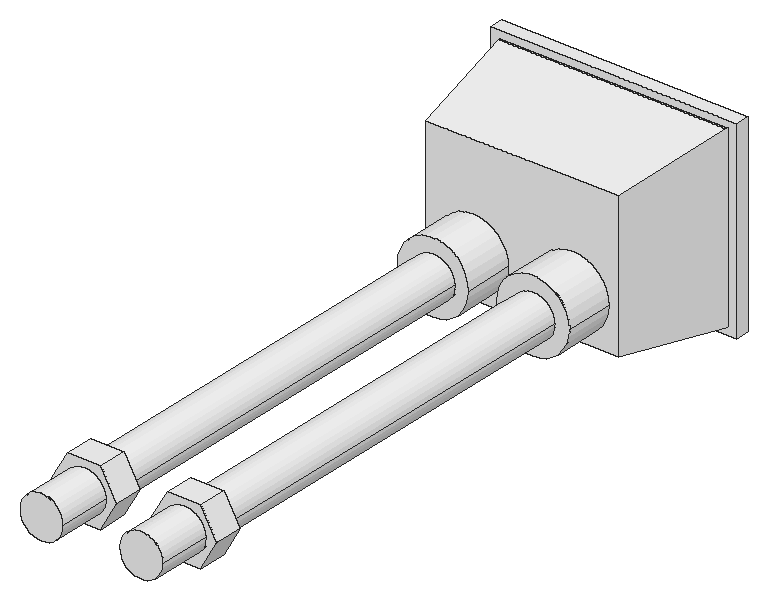
Revit family "Plumbing Fixture-Wall and Ground_Hydrant_Mifab_MHY-45", category Plumbing Fixtures, host Wall, Revit 2013
Parameters (values of type "MHY-45-20")
  Wall Thikness = 20"
  URL = "www.mifab.com"
  Model = "MHY-45"
  Manufacturer = "MIFAB"
  Hydrant Material = Chrome Plated
  Description = "Hot And Cold Encased Non Freeze Wall Hydrant"
Types (9): name | Wall Thikness
  (no name) | 20"
  MHY-45-8 | 8"
  MHY-45-10 | 10"
  MHY-45-12 | 12"
  MHY-45-14 | 14"
  MHY-45-16 | 14"
  MHY-45-18 | 18"
  MHY-45-20 | 20"
  MHY-45-24 | 24"
Reference planes (in)
  plane 1: y = 0
  plane 2 "Center (Left/Right)": x = -0.47711
  plane 3: x = -11.10211
  plane 4: x = 10.14789
  plane 5: y = 3
  plane 6: y = -3
  plane 7: y = -2.72851
Forms (in)
  Extrusion 1, solid, material "Chrome Plated" <- "Hydrant Material"
    sketch origin (-72, 11.4502, 60.5359) x (-1, 0, 0) y (0, 0, -1)
      loop
        circle (-71.52289, 45.25) r 0.75
    from 8.96571 to 12.34034
  Extrusion 2, solid, material "Chrome Plated" <- "Hydrant Material"
    sketch origin (-72, 9.89077, 60.5359) x (-1, 0, 0) y (0, 0, -1)
      loop
        circle (-71.52289, 45.25) r 1.1547
    from 7.70144 to 8.71577
  Extrusion 3, solid, material "Chrome Plated" <- "Hydrant Material"
    sketch origin (-70.25, 11.4502, 58.81543) x (-1, 0, 0) y (0, 0, -1)
      loop
        circle (-71.52289, 45.25) r 0.75
    from 8.77482 to 31.3252
  Extrusion 4, solid, material "Chrome Plated" <- "Hydrant Material"
    sketch origin (-70.25, 9.89077, 58.7859) x (-1, 0, 0) y (0, 0, -1)
      loop
        line (-72.10024, 44.25) -> (-70.94554, 44.25) -> (-70.36819, 45.25) -> (-70.94554, 46.25) -> (-72.10024, 46.25) -> (-72.67759, 45.25) -> (-72.10024, 44.25)
    from 7.70144 to 8.71577
  Extrusion 5, solid, material "Chrome Plated" <- "Hydrant Material"
    sketch origin (-73.75, 11.4502, 58.7859) x (-1, 0, 0) y (0, 0, -1)
      loop
        circle (-71.52289, 45.25) r 0.75
    from 8.77482 to 31.3252
  Extrusion 6, solid, material "Chrome Plated" <- "Hydrant Material"
    sketch origin (-73.75, 9.89077, 58.7859) x (-1, 0, 0) y (0, 0, -1)
      loop
        line (-72.10024, 44.25) -> (-70.94554, 44.25) -> (-70.36819, 45.25) -> (-70.94554, 46.25) -> (-72.10024, 46.25) -> (-72.67759, 45.25) -> (-72.10024, 44.25)
    from 7.70144 to 8.71577
  Extrusion 7, solid, material "Chrome Plated" <- "Hydrant Material"
    sketch origin (-72, 11.4502, 60.5359) x (-1, 0, 0) y (0, 0, -1)
      loop
        line (-72.69554, 46) -> (-72.11819, 47) -> (-72.69554, 48) -> (-73.85024, 48) -> (-74.42759, 47) -> (-73.85024, 46) -> (-72.69554, 46)
      loop
        line (-69.19554, 46) -> (-68.61819, 47) -> (-69.19554, 48) -> (-70.35024, 48) -> (-70.92759, 47) -> (-70.35024, 46) -> (-69.19554, 46)
    from 28.4502 to 29.46078
  Extrusion 8, solid, material "Chrome Plated" <- "Hydrant Material"
    sketch origin (-72, 11.4502, 60.5359) x (-1, 0, 0) y (0, 0, -1)
      loop
        arc (-72.52289, 44.5) -> (-71.52289, 44) -> (-70.52289, 44.5) r 1.25
        line (-70.52289, 44.5) -> (-69.02289, 46)
        arc (-69.02289, 46) -> (-68.77289, 47.75) -> (-70.52289, 48) r 1.25
        arc (-70.52289, 48) -> (-71.48635, 47.56159) -> (-72.47199, 47.94756) r 1.35865
        arc (-72.47199, 47.94756) -> (-74.25353, 47.77496) -> (-74.02289, 46) r 1.24548
        line (-74.02289, 46) -> (-72.52289, 44.5)
    from 10.2752 to 12.34034
  Extrusion 9, solid, material "Chrome Plated" <- "Hydrant Material"
    sketch origin (0, -6.82, 12.5359) x (1, 0, 0) y (0, 1, 0)
      loop
        line (-4.78961, 10.32) -> (-4.78961, 9.82) -> (3.83539, 9.82) -> (3.83539, 10.32) -> (-4.78961, 10.32)
    from -1.3002 to 5.4498
  Extrusion 10, solid, material "Chrome Plated" <- "Hydrant Material"
    sketch origin (0, -7.5, 12.5359) x (1, 0, 0) y (0, 1, 0)
      loop
        line (-4.47711, 10.5) -> (-4.47711, 6.5) -> (3.52289, 6.5) -> (3.52289, 10.5) -> (-4.47711, 10.5)
    from -1.0502 to 5.1998
  Extrusion 11, void
    sketch origin (-0.47711, -5.72851, -2.0748) x (0, 1, 0) y (0, 0, 1)
      loop
        line (8.66023, 19.8105) -> (4.72851, 19.8105) -> (4.72851, 19.20916) -> (8.66023, 19.8105)
      loop
        line (8.66023, 13.5605) -> (4.72851, 14.16185) -> (4.72851, 13.5605) -> (8.66023, 13.5605)
    from -4 to 4
  Extrusion 12, void
    sketch origin (0, -5.72851, 12.5359) x (1, 0, 0) y (0, 1, 0)
      loop
        line (-4.47711, 8.72851) -> (-4.47711, 4.72851) -> (-3.85539, 4.72851) -> (-4.47711, 8.72851)
      loop
        line (3.52289, 8.72851) -> (2.90118, 4.72851) -> (3.52289, 4.72851) -> (3.52289, 8.72851)
    from -1.0502 to 5.1998
  Extrusion 13, solid, material "Chrome Plated" <- "Hydrant Material"
    sketch origin (-72, -8.72851, 60.5359) x (-1, 0, 0) y (0, 0, 1)
      loop
        circle (-73.27289, -46.97047) r 1.2743
      loop
        circle (-69.77289, -47) r 1.25
    from 6 to 7.72851
Cuts and joins
  Extrusion 11, Extrusion 12 cuts Extrusion 10
Text (in)
  text "Placement Side" at (0, 40.15149, 123.01588), in view "Right"
  text "Placement Side" at (-70.3804, 45.82615, 0), in view "Ref. Level"
  text "Placement Side" at (0, 47.49176, 113.10569), in view "Left"
Dimensions and locks (in)
  equal spacing: plane 3, plane 2 "Center (Left/Right)", plane 4
  plane 3 to plane 4 = 21 1/4"
  locked: Extrusion 2 to Extrusion 2 at 1.01433
  locked: Extrusion 4 to Extrusion 4 at 1.01433
  locked: Extrusion 6 to Extrusion 6 at 1.01433
  locked: Extrusion 7 to Extrusion 7 at 1.01058
  locked: Extrusion 5 to Extrusion 7 at 2.875
  locked: Extrusion 10 sketch curve to Extrusion 9 at 4
  locked: Extrusion 8 to Extrusion 2 at 1.01433
  "Wall Thikness": Extrusion 9 to Extrusion 7
  locked: plane 5 to Extrusion 9 at 0.5
  aligned and locked: plane 6 to host wall
  aligned and locked: Extrusion 5 to Extrusion 3
  aligned and locked: Extrusion 3 to Extrusion 5
  aligned and locked: Extrusion 10 to Extrusion 9
  aligned and locked: Extrusion 11 to Extrusion 10
  aligned and locked: Extrusion 10 to Extrusion 11
  aligned and locked: Extrusion 12 to Extrusion 10
  aligned and locked: Extrusion 10 to Extrusion 12
  aligned and locked: plane 7 to Extrusion 13
  aligned and locked: Extrusion 9 to host wall
Automatic sketch dimensions
  Extrusion 1 sketch curve to plane 2 "Center (Left/Right)" = 0"
  level to Extrusion 1 sketch curve = 0.6752"
  Extrusion 2 sketch curve to plane 2 "Center (Left/Right)" = 0"
  level to Extrusion 2 sketch curve = 0.6752"
  plane 2 "Center (Left/Right)" to Extrusion 3 sketch curve = 1 3/4"
  Extrusion 3 sketch curve to level = 1.04527"
  Extrusion 4 sketch curve to level = 1.0748"  (x2)
  plane 2 "Center (Left/Right)" to Extrusion 4 sketch curve = 2.9047"
  Extrusion 4 sketch curve to level = 0.0748"
  Extrusion 4 sketch curve to Extrusion 4 sketch curve = 0.57735"  (x2)
  Extrusion 4 sketch curve to Extrusion 4 sketch curve = 1.1547"  (x2)
  plane 2 "Center (Left/Right)" to Extrusion 4 sketch curve = 0.5953"
  Extrusion 4 sketch curve to Extrusion 4 sketch curve = 1"
  Extrusion 5 sketch curve to plane 2 "Center (Left/Right)" = 1 3/4"
  Extrusion 5 sketch curve to level = 1.0748"
  Extrusion 6 sketch curve to plane 2 "Center (Left/Right)" = 0.5953"
  Extrusion 6 sketch curve to level = 0.0748"
  Extrusion 6 sketch curve to Extrusion 6 sketch curve = 0.57735"  (x3)
  Extrusion 6 sketch curve to Extrusion 6 sketch curve = 1.1547"  (x2)
  Extrusion 6 sketch curve to level = 1.0748"  (x2)
  Extrusion 6 sketch curve to Extrusion 6 sketch curve = 1"
  Extrusion 7 sketch curve to level = 1.0748"  (x4)
  plane 2 "Center (Left/Right)" to Extrusion 7 sketch curve = 2.9047"
  Extrusion 7 sketch curve to level = 0.0748"  (x2)
  Extrusion 7 sketch curve to Extrusion 7 sketch curve = 0.57735"  (x5)
  Extrusion 7 sketch curve to Extrusion 7 sketch curve = 1.1547"  (x4)
  plane 2 "Center (Left/Right)" to Extrusion 7 sketch curve = 0.5953"
  Extrusion 7 sketch curve to plane 2 "Center (Left/Right)" = 0.5953"
  Extrusion 7 sketch curve to Extrusion 7 sketch curve = 1"  (x2)
  Extrusion 8 sketch curve to level = 0.0748"  (x2)
  plane 2 "Center (Left/Right)" to Extrusion 8 sketch curve = 2 1/2"
  level to Extrusion 8 sketch curve = 1.4252"
  Extrusion 8 sketch curve to plane 2 "Center (Left/Right)" = 0"  (x2)
  plane 2 "Center (Left/Right)" to Extrusion 8 sketch curve = 1"
  Extrusion 8 sketch curve to plane 2 "Center (Left/Right)" = 1"  (x2)
  Extrusion 8 sketch curve to Extrusion 8 sketch curve = 1 1/2"
  Extrusion 8 sketch curve to Extrusion 8 sketch curve = 0.74366"
  plane 2 "Center (Left/Right)" to Extrusion 8 sketch curve = 0.94909"
  Extrusion 8 sketch curve to Extrusion 8 sketch curve = 3/4"
  level to Extrusion 8 sketch curve = 0.6752"
  Extrusion 8 sketch curve to level = 1.0739"
  Extrusion 8 sketch curve to level = 1.0748"
  host wall to Extrusion 9 sketch curve = 0"
  host wall to Extrusion 9 sketch curve = 1/2"
  Extrusion 9 sketch curve to plane 2 "Center (Left/Right)" = 4 5/16"
  plane 2 "Center (Left/Right)" to Extrusion 9 sketch curve = 4 5/16"
  host wall to Extrusion 10 sketch curve = 0"
  Extrusion 10 sketch curve to plane 2 "Center (Left/Right)" = 4"
  plane 2 "Center (Left/Right)" to Extrusion 10 sketch curve = 4"
  host wall to Extrusion 11 sketch curve = 1"  (x2)
  Extrusion 11 sketch curve to level = 3 1/8"
  Extrusion 11 sketch curve to host wall = 0.06828"  (x2)
  Extrusion 11 sketch curve to Extrusion 11 sketch curve = 0.60135"  (x2)
  level to Extrusion 11 sketch curve = 2.52365"
  Extrusion 12 sketch curve to host wall = 0"  (x2)
  Extrusion 12 sketch curve to plane 2 "Center (Left/Right)" = 4"
  host wall to Extrusion 12 sketch curve = 1"  (x2)
  Extrusion 12 sketch curve to Extrusion 12 sketch curve = 0.62172"
  plane 2 "Center (Left/Right)" to Extrusion 12 sketch curve = 3.37828"
  plane 2 "Center (Left/Right)" to Extrusion 12 sketch curve = 4"
  plane 2 "Center (Left/Right)" to Extrusion 13 sketch curve = 1 3/4"
  Extrusion 13 sketch curve to plane 2 "Center (Left/Right)" = 1 3/4"
  Extrusion 13 sketch curve to level = 1.0748"
  Extrusion 13 sketch curve to level = 1.04527"
  radius of Extrusion 1 sketch curve = 3/4"
  radius of Extrusion 2 sketch curve = 1.1547"
  radius of Extrusion 3 sketch curve = 3/4"
  radius of Extrusion 5 sketch curve = 3/4"
  radius of Extrusion 13 sketch curve = 1.2743"
  radius of Extrusion 13 sketch curve = 1 1/4"
